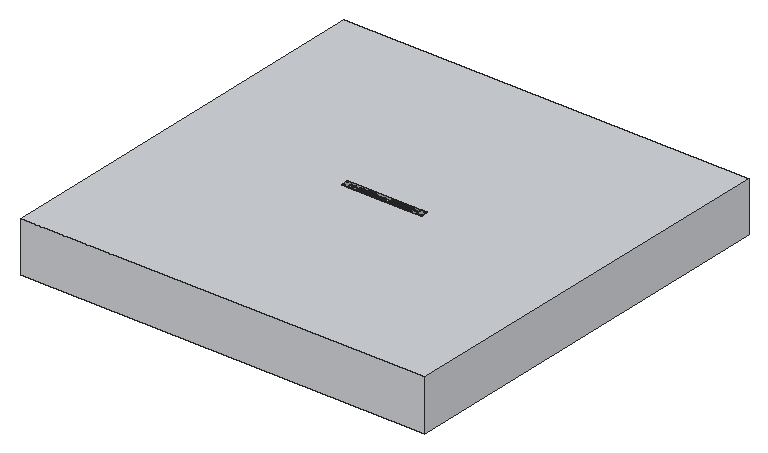
Revit family "Контроллер AGRG R4 RACK_на грани", category Электрооборудование, Revit 2019
Family settings
  Основа = Грань
  Размер круглого соединителя = Использовать диаметр
  Тип детали = Другая панель
  При загрузке вырезать с полостями = Нет
  Общий = Нет
  Точка расчета площади = Нет
Parameters (values of type "Контроллер AGRG R4 RACK")
  built-in parameter 1140085 [instance] = Panel Name  # (empty or 0)
  Default Elevation = 1219.2 mm
  Описание = "ITV"  # constant formula
  Panel Name [instance] = (empty or 0)
  Type Image = ARD.png
  Группа модели = "Оборудование"  # constant formula
  URL = "https://skud.agrg.ru/controllers/agrg-r2-rack"
  ITV_SUB_УГО на структурной схеме = "УГО_Контроллер"
  ITV_LCS_Номер юнита [instance] = 0
  ITV_LCS_Номер шкафа [instance] = ""
  ITV_LCS_Высота U = 1
  ADSK_Принадлежность к разделу [instance] = ""
  ADSK_Примечание [instance] = ""
  ADSK_Полная мощность [instance] = ADSK_Номинальная мощность / ADSK_Коэффициент мощности  # 30 VA
  ADSK_Позиция [instance] = ""
  ADSK_Обозначение = "ARD"
  ADSK_Номинальная мощность [instance] = 30 VA
  ADSK_Напряжение [instance] = 220 V
  ADSK_Наименование краткое = "Контроллер"
  ADSK_Наименование = "Специализированный контроллер AGRG R4Rack для IT-инфраструктуры (защита телеком. шкафов). Габариты: 410 мм * 250 мм * 43 мм (без кронштейнов), исполнение 1U. Подключение до 4-х специализированных ручек со встроенными считывателями. Оснащен АКБ (до 3-х часов автономн. работы). Работает под управлением ПО SIGUR."
  ADSK_Масса = 4.5
  ADSK_Марка = "AGRG ЦОД"
  ADSK_Коэффициент мощности = 1
  ADSK_Количество фаз [instance] = 1
  ADSK_Количество = 1
  ADSK_Код изделия = "CCTLR4R"
  ADSK_Классификация нагрузок [instance] = Прочее
  ADSK_Имя источника питания [instance] = ""
  ADSK_Завод-изготовитель = "ООО «Агрегатор»"  # constant formula
  ADSK_Единица измерения = "шт."
  ADSK_Группирование [instance] = "1. Оборудование"
Reference planes
  plane 1 "По центру (Вперед/Назад)": y = 0
  plane 2: z = 0
  plane 3 "По центру (Влево/Вправо)": x = 0
Forms (mm)
  Extrusion 1, solid
    sketch origin (0, 0, 0) x (1, 0, 0) y (0, 1, 0)
      loop
        line (-1219.2, 1219.2) -> (-1219.2, -1219.2) -> (1219.2, -1219.2) -> (1219.2, 1219.2) -> (-1219.2, 1219.2)
    from 0 to -304.8
Dimensions and locks
  aligned and locked: plane 2 to Extrusion 1
  aligned and locked: level to Extrusion 1
Nested families
  nested 1: "AGRG R4 RACK_на грани" at (0, 0, 0), type "AGRG R4 RACK_на грани", detail levels fine
Connectors
  electrical at (0, 0, 0), driven by "ADSK_Количество фаз", driven by "ADSK_Классификация нагрузок", driven by "ADSK_Напряжение", driven by "ADSK_Полная мощность", driven by "ADSK_Коэффициент мощности"
    settings: index 1, voltage 220 V, apparent load 30 VA, apparent load phase1 0 VA, apparent load phase2 0 VA, apparent load phase3 0 VA, power factor 1, load classification "Прочее", number of poles 1, system type 30, power factor state 1, is connector primary yes, connector utility no, sub classification motor no, connector description ""
  electrical at (0, 0, 0)
    settings: index 2, voltage 0 V, apparent load 0 VA, apparent load phase1 0 VA, apparent load phase2 0 VA, apparent load phase3 0 VA, power factor 1, load classification "Прочее", number of poles 1, system type 5, power factor state 1, is connector primary no, connector utility no, sub classification motor no, connector description ""
Definition of nested family "AGRG R4 RACK_на грани"
  Parameters (values of type "AGRG R4 RACK_на грани")
    Default Elevation = 1219.2 mm
    Материал [instance] = none
  Reference planes
    plane 1 "По центру (Вперед/Назад)": y = 0
    plane 2: z = 0
    plane 3 "По центру (Влево/Вправо)": x = 0
    plane 4: x = -205
    plane 5: y = 21.8
    plane 6: x = 205
    plane 7: y = -21.8
    plane 8: x = 241.3
    plane 9: x = 230.913
    plane 10: x = -241.3
    plane 11: x = -230.913
  Forms (mm)
    Extrusion 1, solid
      sketch origin (0, 0, 0) x (1, 0, 0) y (0, 1, 0)
        loop
          line (-1219.2, 1219.2) -> (-1219.2, -1219.2) -> (1219.2, -1219.2) -> (1219.2, 1219.2) -> (-1219.2, 1219.2)
      from 0 to -304.8
    Extrusion 2, solid, material <- "Материал"
      sketch origin (2.2, 502.964, 0) x (1, 0, 0) y (0, 1, 0)
        loop
          line (202.8, -481.164) -> (202.8, -524.764) -> (237.1, -524.764)
          arc (237.1, -524.764) -> (238.514, -524.178) -> (239.1, -522.764) r 2
          line (239.1, -522.764) -> (239.1, -483.164)
          arc (239.1, -483.164) -> (238.514, -481.75) -> (237.1, -481.164) r 2
          line (237.1, -481.164) -> (202.8, -481.164)
        loop
          arc (228.713, -515.864) -> (225.713, -518.864) -> (228.713, -521.864) r 3
          line (228.713, -521.864) -> (233.007, -521.864)
          arc (233.007, -521.864) -> (236.007, -518.864) -> (233.007, -515.864) r 3
          line (233.007, -515.864) -> (228.713, -515.864)
        loop
          line (233.007, -484.131) -> (228.713, -484.131)
          arc (228.713, -484.131) -> (225.713, -487.131) -> (228.713, -490.131) r 3
          line (228.713, -490.131) -> (233.007, -490.131)
          arc (233.007, -490.131) -> (236.007, -487.131) -> (233.007, -484.131) r 3
      from 0 to 1
    Extrusion 3, solid, material <- "Материал"
      sketch origin (205, 22.2, 0) x (0, -1, 0) y (0, 0, -1)
        loop
          line (0.4, 0) -> (44, 0) -> (44, 19.02)
          arc (44, 19.02) -> (43.42, 20.42) -> (42.019, 21) r 1.981
          line (42.019, 21) -> (2.4, 21)
          arc (2.4, 21) -> (0.986, 20.415) -> (0.4, 19) r 2
          line (0.4, 19) -> (0.4, 0)
      from 0 to 1
    Extrusion 4, solid, material <- "Материал"
      sketch origin (-2.2, 502.964, 0) x (-1, 0, 0) y (0, -1, 0)
        loop
          line (202.8, 481.164) -> (237.1, 481.164)
          arc (237.1, 481.164) -> (238.514, 481.75) -> (239.1, 483.164) r 2
          line (239.1, 483.164) -> (239.1, 522.764)
          arc (239.1, 522.764) -> (238.514, 524.178) -> (237.1, 524.764) r 2
          line (237.1, 524.764) -> (202.8, 524.764) -> (202.8, 481.164)
        loop
          line (228.713, 515.864) -> (233.007, 515.864)
          arc (233.007, 515.864) -> (235.943, 518.8) -> (233.007, 521.737) r 2.937
          line (233.007, 521.737) -> (228.713, 521.737)
          arc (228.713, 521.737) -> (225.776, 518.8) -> (228.713, 515.864) r 2.937
        loop
          arc (233.007, 484.131) -> (236.007, 487.131) -> (233.007, 490.131) r 3
          line (233.007, 490.131) -> (228.713, 490.131)
          arc (228.713, 490.131) -> (225.713, 487.131) -> (228.713, 484.131) r 3
          line (228.713, 484.131) -> (233.007, 484.131)
      from 0 to 1
    Extrusion 5, solid, material <- "Материал"
      sketch origin (-205, 22.2, 0) x (0, -1, 0) y (0, 0, 1)
        loop
          line (0.4, 0) -> (0.4, -19)
          arc (0.4, -19) -> (0.986, -20.415) -> (2.4, -21) r 2
          line (2.4, -21) -> (42.019, -21)
          arc (42.019, -21) -> (43.42, -20.42) -> (44, -19.02) r 1.981
          line (44, -19.02) -> (44, 0) -> (0.4, 0)
      from 0 to 1
    Extrusion 6, solid, material <- "Материал"
      sketch origin (0, 0, 0) x (1, 0, 0) y (0, 1, 0)
        loop
          line (-205, 21.8) -> (-205, -21.8) -> (205, -21.8) -> (205, 21.8) -> (-205, 21.8)
      from -189 to 1
    Extrusion 7, void
      sketch origin (0, 0, 0) x (1, 0, 0) y (0, 1, 0)
        loop
          arc (-149.498, 11.25) -> (-151.624, 10.369) -> (-152.504, 8.244) r 3.006
          line (-152.504, 8.244) -> (-152.504, -8.25)
          arc (-152.504, -8.25) -> (-151.626, -10.371) -> (-149.504, -11.25) r 3
          line (-149.504, -11.25) -> (-125.004, -11.25)
          arc (-125.004, -11.25) -> (-122.883, -10.371) -> (-122.004, -8.25) r 3
          line (-122.004, -8.25) -> (-122.004, 8.228)
          arc (-122.004, 8.228) -> (-122.889, 10.365) -> (-125.026, 11.25) r 3.022
          line (-125.026, 11.25) -> (-149.498, 11.25)
      from -18.8 to 1
    Extrusion 8, solid
      sketch origin (0, 0, 0) x (1, 0, 0) y (0, 1, 0)
        loop
          arc (-149.498, 11.25) -> (-151.624, 10.369) -> (-152.504, 8.244) r 3.006
          line (-152.504, 8.244) -> (-152.504, -8.25)
          arc (-152.504, -8.25) -> (-151.626, -10.371) -> (-149.504, -11.25) r 3
          line (-149.504, -11.25) -> (-125.004, -11.25)
          arc (-125.004, -11.25) -> (-122.883, -10.371) -> (-122.004, -8.25) r 3
          line (-122.004, -8.25) -> (-122.004, 8.228)
          arc (-122.004, 8.228) -> (-122.889, 10.365) -> (-125.026, 11.25) r 3.022
          line (-125.026, 11.25) -> (-149.498, 11.25)
        loop
          line (-149.504, 2.545) -> (-149.504, -6.201)
          arc (-149.504, -6.201) -> (-148.904, -7.65) -> (-147.455, -8.25) r 2.049
          line (-147.455, -8.25) -> (-127.004, -8.25)
          arc (-127.004, -8.25) -> (-125.59, -7.664) -> (-125.004, -6.25) r 2
          line (-125.004, -6.25) -> (-125.004, 2.545) -> (-130.709, 8.25) -> (-143.799, 8.25) -> (-149.504, 2.545)
      from -18.8 to 1
    Extrusion 9, solid
      sketch origin (0, 0, 0) x (1, 0, 0) y (0, 1, 0)
        loop
          line (-149.504, 2.545) -> (-149.504, -6.201)
          arc (-149.504, -6.201) -> (-148.904, -7.65) -> (-147.455, -8.25) r 2.049
          line (-147.455, -8.25) -> (-127.004, -8.25)
          arc (-127.004, -8.25) -> (-125.59, -7.664) -> (-125.004, -6.25) r 2
          line (-125.004, -6.25) -> (-125.004, 2.545) -> (-130.709, 8.25) -> (-143.799, 8.25) -> (-149.504, 2.545)
      from -18.8 to -17.8
    Extrusion 10, void
      sketch origin (0, 0, 0) x (1, 0, 0) y (0, 1, 0)
        loop
          line (-104.639, 8.57) -> (-97.65, 8.57) -> (-97.65, 3.178) -> (-96.45, 3.178) -> (-96.45, 11.672) -> (-101.144, 15.209) -> (-105.839, 11.672) -> (-105.839, 3.178) -> (-104.639, 3.178) -> (-104.639, 8.57)
        loop
          line (-104.639, 9.77) -> (-97.65, 9.77) -> (-97.65, 11.073) -> (-101.144, 13.707) -> (-104.639, 11.073) -> (-104.639, 9.77)
        loop
          line (-94.649, 3.178) -> (-85.321, 3.178) -> (-85.321, 9.534) -> (-92.022, 9.534) -> (-92.022, 8.334) -> (-86.521, 8.334) -> (-86.521, 4.378) -> (-93.449, 4.378) -> (-93.449, 14.082) -> (-86.521, 14.082) -> (-86.521, 12.281) -> (-85.321, 12.281) -> (-85.321, 15.282) -> (-94.649, 15.282) -> (-94.649, 3.178)
        loop
          line (-73.982, 3.095) -> (-74.264, 4.016) -> (-80.913, 8.334) -> (-73.982, 8.334) -> (-73.982, 15.282) -> (-83.538, 15.282) -> (-83.538, 3.178) -> (-82.338, 3.178) -> (-82.338, 7.829) -> (-75.049, 3.095) -> (-73.982, 3.095)
        loop
          line (-82.338, 9.534) -> (-75.182, 9.534) -> (-75.182, 14.082) -> (-82.338, 14.082) -> (-82.338, 9.534)
        loop
          line (-72.186, 3.178) -> (-62.937, 3.178) -> (-62.937, 9.534) -> (-69.582, 9.534) -> (-69.582, 8.334) -> (-64.137, 8.334) -> (-64.137, 4.378) -> (-70.986, 4.378) -> (-70.986, 14.082) -> (-64.137, 14.082) -> (-64.137, 12.281) -> (-62.937, 12.281) -> (-62.937, 15.282) -> (-72.186, 15.282) -> (-72.186, 3.178)
        loop
          line (-104.639, -8.57) -> (-104.639, -3.178) -> (-105.839, -3.178) -> (-105.839, -11.672) -> (-101.144, -15.209) -> (-96.45, -11.672) -> (-96.45, -3.178) -> (-97.65, -3.178) -> (-97.65, -8.57) -> (-104.639, -8.57)
        loop
          line (-104.639, -9.77) -> (-104.639, -11.073) -> (-101.144, -13.707) -> (-97.65, -11.073) -> (-97.65, -9.77) -> (-104.639, -9.77)
        loop
          line (-94.649, -3.178) -> (-94.649, -15.282) -> (-85.321, -15.282) -> (-85.321, -12.281) -> (-86.521, -12.281) -> (-86.521, -14.082) -> (-93.449, -14.082) -> (-93.449, -4.378) -> (-86.521, -4.378) -> (-86.521, -8.334) -> (-92.022, -8.334) -> (-92.022, -9.534) -> (-85.321, -9.534) -> (-85.321, -3.178) -> (-94.649, -3.178)
        loop
          line (-73.982, -3.095) -> (-75.049, -3.095) -> (-82.338, -7.829) -> (-82.338, -3.178) -> (-83.538, -3.178) -> (-83.538, -15.282) -> (-73.982, -15.282) -> (-73.982, -8.334) -> (-80.913, -8.334) -> (-74.264, -4.016) -> (-73.982, -3.095)
        loop
          line (-82.338, -9.534) -> (-82.338, -14.082) -> (-75.182, -14.082) -> (-75.182, -9.534) -> (-82.338, -9.534)
        loop
          line (-72.186, -3.178) -> (-72.186, -15.282) -> (-62.937, -15.282) -> (-62.937, -12.281) -> (-64.137, -12.281) -> (-64.137, -14.082) -> (-70.986, -14.082) -> (-70.986, -4.378) -> (-64.137, -4.378) -> (-64.137, -8.334) -> (-69.582, -8.334) -> (-69.582, -9.534) -> (-62.937, -9.534) -> (-62.937, -3.178) -> (-72.186, -3.178)
      from 0 to 1
    Extrusion 11, solid
      sketch origin (-35.538, 0, 0) x (1, 0, 0) y (0, 1, 0)
        loop
          line (-69.101, 8.57) -> (-62.112, 8.57) -> (-62.112, 3.178) -> (-60.912, 3.178) -> (-60.912, 11.672) -> (-65.606, 15.209) -> (-70.301, 11.672) -> (-70.301, 3.178) -> (-69.101, 3.178) -> (-69.101, 8.57)
        loop
          line (-69.101, 9.77) -> (-62.112, 9.77) -> (-62.112, 11.073) -> (-65.606, 13.707) -> (-69.101, 11.073) -> (-69.101, 9.77)
        loop
          line (-59.111, 3.178) -> (-49.783, 3.178) -> (-49.783, 9.534) -> (-56.484, 9.534) -> (-56.484, 8.334) -> (-50.983, 8.334) -> (-50.983, 4.378) -> (-57.911, 4.378) -> (-57.911, 14.082) -> (-50.983, 14.082) -> (-50.983, 12.281) -> (-49.783, 12.281) -> (-49.783, 15.282) -> (-59.111, 15.282) -> (-59.111, 3.178)
        loop
          line (-38.444, 3.095) -> (-38.726, 4.016) -> (-45.375, 8.334) -> (-38.444, 8.334) -> (-38.444, 15.282) -> (-48, 15.282) -> (-48, 3.178) -> (-46.8, 3.178) -> (-46.8, 7.829) -> (-39.511, 3.095) -> (-38.444, 3.095)
        loop
          line (-46.8, 9.534) -> (-39.644, 9.534) -> (-39.644, 14.082) -> (-46.8, 14.082) -> (-46.8, 9.534)
        loop
          line (-36.648, 3.178) -> (-27.399, 3.178) -> (-27.399, 9.534) -> (-34.044, 9.534) -> (-34.044, 8.334) -> (-28.599, 8.334) -> (-28.599, 4.378) -> (-35.448, 4.378) -> (-35.448, 14.082) -> (-28.599, 14.082) -> (-28.599, 12.281) -> (-27.399, 12.281) -> (-27.399, 15.282) -> (-36.648, 15.282) -> (-36.648, 3.178)
        loop
          line (-69.101, -8.57) -> (-69.101, -3.178) -> (-70.301, -3.178) -> (-70.301, -11.672) -> (-65.606, -15.209) -> (-60.912, -11.672) -> (-60.912, -3.178) -> (-62.112, -3.178) -> (-62.112, -8.57) -> (-69.101, -8.57)
        loop
          line (-69.101, -9.77) -> (-69.101, -11.073) -> (-65.606, -13.707) -> (-62.112, -11.073) -> (-62.112, -9.77) -> (-69.101, -9.77)
        loop
          line (-59.111, -3.178) -> (-59.111, -15.282) -> (-49.783, -15.282) -> (-49.783, -12.281) -> (-50.983, -12.281) -> (-50.983, -14.082) -> (-57.911, -14.082) -> (-57.911, -4.378) -> (-50.983, -4.378) -> (-50.983, -8.334) -> (-56.484, -8.334) -> (-56.484, -9.534) -> (-49.783, -9.534) -> (-49.783, -3.178) -> (-59.111, -3.178)
        loop
          line (-38.444, -3.095) -> (-39.511, -3.095) -> (-46.8, -7.829) -> (-46.8, -3.178) -> (-48, -3.178) -> (-48, -15.282) -> (-38.444, -15.282) -> (-38.444, -8.334) -> (-45.375, -8.334) -> (-38.726, -4.016) -> (-38.444, -3.095)
        loop
          line (-46.8, -9.534) -> (-46.8, -14.082) -> (-39.644, -14.082) -> (-39.644, -9.534) -> (-46.8, -9.534)
        loop
          line (-36.648, -3.178) -> (-36.648, -15.282) -> (-27.399, -15.282) -> (-27.399, -12.281) -> (-28.599, -12.281) -> (-28.599, -14.082) -> (-35.448, -14.082) -> (-35.448, -4.378) -> (-28.599, -4.378) -> (-28.599, -8.334) -> (-34.044, -8.334) -> (-34.044, -9.534) -> (-27.399, -9.534) -> (-27.399, -3.178) -> (-36.648, -3.178)
      from 0 to 1
    Extrusion 12, solid
      sketch origin (0, 0, 0) x (1, 0, 0) y (0, 1, 0)
        loop
          line (-144.031, -0.942) -> (-144.031, -4.514) -> (-142.308, -4.514) -> (-142.308, -0.942) -> (-144.031, -0.942)
        loop
          line (-130.477, -0.942) -> (-132.2, -0.942) -> (-132.2, -4.514) -> (-130.477, -4.514) -> (-130.477, -0.942)
        loop
          line (-138.116, 3.572) -> (-138.116, 0) -> (-136.393, 0) -> (-136.393, 3.572) -> (-138.116, 3.572)
      from -17.8 to 0
    Extrusion 13, void
      sketch origin (0, 0, 0) x (1, 0, 0) y (0, 1, 0)
        loop
          line (-186.678, 7.281) -> (-186.678, -7.281) -> (-179.175, -7.281) -> (-179.175, 7.281) -> (-186.678, 7.281)
      from -2 to 1
    Extrusion 14, solid
      sketch origin (0, 0, 0) x (0, 1, 0) y (0, 0, 1)
        loop
          line (6.702, -2) -> (6.702, -0.591) -> (4.812, -0.591) -> (4.812, 1.452) -> (1.686, 1.452) -> (1.686, -0.591) -> (-6.681, -0.591) -> (-6.681, -2) -> (6.702, -2)
      from -185.955 to -180
    Extrusion 15, void
      sketch origin (0, 0, 0) x (1, 0, 0) y (0, 1, 0)
        loop
          line (205, -1.5) -> (205, 1.5) -> (168.39, 1.5) -> (168.39, -1.5) -> (205, -1.5)
        loop
          line (-205, 1.5) -> (-205, -1.5) -> (-186.678, -1.5) -> (-186.678, 1.5) -> (-205, 1.5)
        loop
          line (-179.175, 1.5) -> (-179.175, -1.5) -> (-152.504, -1.5) -> (-152.504, 1.5) -> (-179.175, 1.5)
        loop
          line (-122.004, 1.5) -> (-122.004, -1.5) -> (-110.266, -1.5) -> (-110.266, 1.5) -> (-122.004, 1.5)
        loop
          line (-58.454, -1.5) -> (-23.96, -1.5) -> (-23.96, 1.5) -> (-58.454, 1.5) -> (-58.454, -1.5)
        loop
          line (-7.46, -1.5) -> (36.39, -1.5) -> (36.39, 1.5) -> (-7.46, 1.5) -> (-7.46, -1.5)
      from 0 to 1
    Extrusion 16, solid
      sketch origin (0, 0, 0) x (1, 0, 0) y (0, 1, 0)
        loop
          line (205, -1.5) -> (205, 1.5) -> (168.39, 1.5) -> (168.39, -1.5) -> (205, -1.5)
        loop
          line (-205, 1.5) -> (-205, -1.5) -> (-186.678, -1.5) -> (-186.678, 1.5) -> (-205, 1.5)
        loop
          line (-179.175, 1.5) -> (-179.175, -1.5) -> (-152.504, -1.5) -> (-152.504, 1.5) -> (-179.175, 1.5)
        loop
          line (-122.004, 1.5) -> (-122.004, -1.5) -> (-110.266, -1.5) -> (-110.266, 1.5) -> (-122.004, 1.5)
        loop
          line (-58.454, -1.5) -> (-23.96, -1.5) -> (-23.96, 1.5) -> (-58.454, 1.5) -> (-58.454, -1.5)
        loop
          line (-7.46, -1.5) -> (36.39, -1.5) -> (36.39, 1.5) -> (-7.46, 1.5) -> (-7.46, -1.5)
      from 0 to 1
    Extrusion 17, void
      sketch origin (-35.312, 0, 0) x (1, 0, 0) y (0, 1, 0)
        loop
          line (-72.258, 1.5) -> (-72.258, -1.5) -> (-64.055, -1.5) -> (-64.055, 1.5) -> (-72.258, 1.5)
        loop
          line (-62.258, 1.5) -> (-62.258, -1.5) -> (-40.229, -1.5) -> (-40.229, 1.5) -> (-62.258, 1.5)
        loop
          line (-38.764, 1.5) -> (-38.764, -1.5) -> (-25.335, -1.5) -> (-25.335, 1.5) -> (-38.764, 1.5)
      from 0 to 1
    Extrusion 18, solid
      sketch origin (-35.312, 0, 0) x (1, 0, 0) y (0, 1, 0)
        loop
          line (-72.258, 1.5) -> (-72.258, -1.5) -> (-64.055, -1.5) -> (-64.055, 1.5) -> (-72.258, 1.5)
        loop
          line (-62.258, 1.5) -> (-62.258, -1.5) -> (-40.229, -1.5) -> (-40.229, 1.5) -> (-62.258, 1.5)
        loop
          line (-38.764, 1.5) -> (-38.764, -1.5) -> (-25.335, -1.5) -> (-25.335, 1.5) -> (-38.764, 1.5)
      from 0 to 1
    Extrusion 19, solid
      sketch origin (-69.984, 0, 0) x (1, 0, 0) y (0, 1, 0)
        loop
          line (46.023, 1.964) -> (46.023, -11.536) -> (62.523, -11.536) -> (62.523, 1.964) -> (46.023, 1.964)
        loop
          line (48.323, -0.437) -> (48.323, -7.431) -> (50.075, -7.431) -> (50.075, -9.369) -> (52.299, -9.369) -> (52.299, -10.672) -> (54.273, -10.672) -> (56.248, -10.672) -> (56.248, -9.369) -> (58.472, -9.369) -> (58.472, -7.431) -> (60.223, -7.431) -> (60.223, -0.437) -> (54.273, -0.437) -> (48.323, -0.437)
      from -14 to 1
    Extrusion 20, void
      sketch origin (0, 0, 0) x (1, 0, 0) y (0, 1, 0)
        loop
          line (-23.96, 1.964) -> (-23.96, -11.536) -> (-7.46, -11.536) -> (-7.46, 1.964) -> (-23.96, 1.964)
        loop
          line (36.39, 1.964) -> (36.39, -11.536) -> (168.39, -11.536) -> (168.39, 1.964) -> (36.39, 1.964)
      from -14 to 1
    Extrusion 21, solid
      sketch origin (56.367, 0, 0) x (1, 0, 0) y (0, 1, 0)
        loop
          line (46.023, 1.964) -> (46.023, -11.536) -> (62.523, -11.536) -> (62.523, 1.964) -> (46.023, 1.964)
        loop
          line (48.323, -0.437) -> (48.323, -7.431) -> (50.075, -7.431) -> (50.075, -9.369) -> (52.299, -9.369) -> (52.299, -10.672) -> (54.273, -10.672) -> (56.248, -10.672) -> (56.248, -9.369) -> (58.472, -9.369) -> (58.472, -7.431) -> (60.223, -7.431) -> (60.223, -0.437) -> (54.273, -0.437) -> (48.323, -0.437)
      from -14 to 1
    Extrusion 22, solid
      sketch origin (72.867, 0, 0) x (1, 0, 0) y (0, 1, 0)
        loop
          line (46.023, 1.964) -> (46.023, -11.536) -> (62.523, -11.536) -> (62.523, 1.964) -> (46.023, 1.964)
        loop
          line (48.323, -0.437) -> (48.323, -7.431) -> (50.075, -7.431) -> (50.075, -9.369) -> (52.299, -9.369) -> (52.299, -10.672) -> (54.273, -10.672) -> (56.248, -10.672) -> (56.248, -9.369) -> (58.472, -9.369) -> (58.472, -7.431) -> (60.223, -7.431) -> (60.223, -0.437) -> (54.273, -0.437) -> (48.323, -0.437)
      from -14 to 1
    Extrusion 23, solid
      sketch origin (89.367, 0, 0) x (1, 0, 0) y (0, 1, 0)
        loop
          line (46.023, 1.964) -> (46.023, -11.536) -> (62.523, -11.536) -> (62.523, 1.964) -> (46.023, 1.964)
        loop
          line (48.323, -0.437) -> (48.323, -7.431) -> (50.075, -7.431) -> (50.075, -9.369) -> (52.299, -9.369) -> (52.299, -10.672) -> (54.273, -10.672) -> (56.248, -10.672) -> (56.248, -9.369) -> (58.472, -9.369) -> (58.472, -7.431) -> (60.223, -7.431) -> (60.223, -0.437) -> (54.273, -0.437) -> (48.323, -0.437)
      from -14 to 1
    Extrusion 24, solid
      sketch origin (105.867, 0, 0) x (1, 0, 0) y (0, 1, 0)
        loop
          line (46.023, 1.964) -> (46.023, -11.536) -> (62.523, -11.536) -> (62.523, 1.964) -> (46.023, 1.964)
        loop
          line (48.323, -0.437) -> (48.323, -7.431) -> (50.075, -7.431) -> (50.075, -9.369) -> (52.299, -9.369) -> (52.299, -10.672) -> (54.273, -10.672) -> (56.248, -10.672) -> (56.248, -9.369) -> (58.472, -9.369) -> (58.472, -7.431) -> (60.223, -7.431) -> (60.223, -0.437) -> (54.273, -0.437) -> (48.323, -0.437)
      from -14 to 1
    Extrusion 25, solid
      sketch origin (-69.984, 0, 0) x (1, 0, 0) y (0, 1, 0)
        loop
          line (50.075, -7.431) -> (50.075, -9.369) -> (52.299, -9.369) -> (52.299, -10.672) -> (54.273, -10.672) -> (56.248, -10.672) -> (56.248, -9.369) -> (58.472, -9.369) -> (58.472, -7.431) -> (60.223, -7.431) -> (60.223, -0.437) -> (54.273, -0.437) -> (48.323, -0.437) -> (48.323, -7.431) -> (50.075, -7.431)
      from -14 to -13
    Extrusion 26, solid
      sketch origin (56.367, 0, 0) x (1, 0, 0) y (0, 1, 0)
        loop
          line (50.075, -7.431) -> (50.075, -9.369) -> (52.299, -9.369) -> (52.299, -10.672) -> (54.273, -10.672) -> (56.248, -10.672) -> (56.248, -9.369) -> (58.472, -9.369) -> (58.472, -7.431) -> (60.223, -7.431) -> (60.223, -0.437) -> (54.273, -0.437) -> (48.323, -0.437) -> (48.323, -7.431) -> (50.075, -7.431)
      from -14 to -13
    Extrusion 27, solid
      sketch origin (72.867, 0, 0) x (1, 0, 0) y (0, 1, 0)
        loop
          line (50.075, -7.431) -> (50.075, -9.369) -> (52.299, -9.369) -> (52.299, -10.672) -> (54.273, -10.672) -> (56.248, -10.672) -> (56.248, -9.369) -> (58.472, -9.369) -> (58.472, -7.431) -> (60.223, -7.431) -> (60.223, -0.437) -> (54.273, -0.437) -> (48.323, -0.437) -> (48.323, -7.431) -> (50.075, -7.431)
      from -14 to -13
    Extrusion 28, solid
      sketch origin (89.367, 0, 0) x (1, 0, 0) y (0, 1, 0)
        loop
          line (50.075, -7.431) -> (50.075, -9.369) -> (52.299, -9.369) -> (52.299, -10.672) -> (54.273, -10.672) -> (56.248, -10.672) -> (56.248, -9.369) -> (58.472, -9.369) -> (58.472, -7.431) -> (60.223, -7.431) -> (60.223, -0.437) -> (54.273, -0.437) -> (48.323, -0.437) -> (48.323, -7.431) -> (50.075, -7.431)
      from -14 to -13
    Extrusion 29, solid
      sketch origin (105.867, 0, 0) x (1, 0, 0) y (0, 1, 0)
        loop
          line (50.075, -7.431) -> (50.075, -9.369) -> (52.299, -9.369) -> (52.299, -10.672) -> (54.273, -10.672) -> (56.248, -10.672) -> (56.248, -9.369) -> (58.472, -9.369) -> (58.472, -7.431) -> (60.223, -7.431) -> (60.223, -0.437) -> (54.273, -0.437) -> (48.323, -0.437) -> (48.323, -7.431) -> (50.075, -7.431)
      from -14 to -13
    Extrusion 30, solid
      sketch origin (0, 0, 0) x (1, 0, 0) y (0, 1, 0)
        loop
          circle (174.284, -7.017) r 2.045
      from 1 to 1.992
    Revolve 31, solid
      sketch origin (4.064, 0, 0) x (0, 1, 0) y (0, 0, 1)
        loop
          line (-7.017, 1.992) -> (-7.017, 1) -> (-4.972, 1)
          spline (-4.972, 1) -> (-4.99, 1.13) -> (-5.042, 1.257) -> (-5.128, 1.38) -> (-5.246, 1.496) -> (-5.395, 1.604) -> (-5.571, 1.702) -> (-5.772, 1.787) -> (-5.995, 1.86) -> (-6.235, 1.917) -> (-6.488, 1.959) -> (-6.75, 1.984) -> (-7.017, 1.992)
        axis (-7.017, 1) -> (-7.017, 2)
      angle from 0 to 360
    Revolve 32, solid
      sketch origin (14.064, 0, 0) x (0, 1, 0) y (0, 0, 1)
        loop
          line (-7.017, 1.992) -> (-7.017, 1) -> (-4.972, 1)
          spline (-4.972, 1) -> (-4.99, 1.13) -> (-5.042, 1.257) -> (-5.128, 1.38) -> (-5.246, 1.496) -> (-5.395, 1.604) -> (-5.571, 1.702) -> (-5.772, 1.787) -> (-5.995, 1.86) -> (-6.235, 1.917) -> (-6.488, 1.959) -> (-6.75, 1.984) -> (-7.017, 1.992)
        axis (-7.017, 1) -> (-7.017, 2)
      angle from 0 to 360
    Revolve 33, solid
      sketch origin (23.584, 0, 0) x (0, 1, 0) y (0, 0, 1)
        loop
          line (-7.017, 1.992) -> (-7.017, 1) -> (-4.972, 1)
          spline (-4.972, 1) -> (-4.99, 1.13) -> (-5.042, 1.257) -> (-5.128, 1.38) -> (-5.246, 1.496) -> (-5.395, 1.604) -> (-5.571, 1.702) -> (-5.772, 1.787) -> (-5.995, 1.86) -> (-6.235, 1.917) -> (-6.488, 1.959) -> (-6.75, 1.984) -> (-7.017, 1.992)
        axis (-7.017, 1) -> (-7.017, 2)
      angle from 0 to 360
    Extrusion 34, void
      sketch origin (0, 0, 0) x (1, 0, 0) y (0, 1, 0)
        loop
          line (103.029, 17.297) -> (103.029, 7.924) -> (118.412, 7.924) -> (118.412, 17.297) -> (103.029, 17.297)
        loop
          line (119.688, 17.297) -> (119.688, 7.924) -> (135.071, 7.924) -> (135.071, 17.297) -> (119.688, 17.297)
        loop
          line (136.348, 17.297) -> (136.348, 7.924) -> (151.731, 7.924) -> (151.731, 17.297) -> (136.348, 17.297)
        loop
          line (153.008, 17.297) -> (153.008, 7.924) -> (168.39, 7.924) -> (168.39, 17.297) -> (153.008, 17.297)
        loop
          line (86.369, 17.297) -> (86.369, 7.924) -> (101.752, 7.924) -> (101.752, 17.297) -> (86.369, 17.297)
        loop
          line (69.71, 17.297) -> (69.71, 7.924) -> (85.093, 7.924) -> (85.093, 17.297) -> (69.71, 17.297)
        loop
          line (53.05, 17.297) -> (53.05, 7.924) -> (68.433, 7.924) -> (68.433, 17.297) -> (53.05, 17.297)
        loop
          line (36.39, 17.297) -> (36.39, 7.924) -> (51.773, 7.924) -> (51.773, 17.297) -> (36.39, 17.297)
      from 0 to 1
    Extrusion 35, solid
      sketch origin (0, 0, 0) x (1, 0, 0) y (0, 1, 0)
        loop
          line (103.029, 17.297) -> (103.029, 7.924) -> (118.412, 7.924) -> (118.412, 17.297) -> (103.029, 17.297)
        loop
          line (119.688, 17.297) -> (119.688, 7.924) -> (135.071, 7.924) -> (135.071, 17.297) -> (119.688, 17.297)
        loop
          line (136.348, 17.297) -> (136.348, 7.924) -> (151.731, 7.924) -> (151.731, 17.297) -> (136.348, 17.297)
        loop
          line (153.008, 17.297) -> (153.008, 7.924) -> (168.39, 7.924) -> (168.39, 17.297) -> (153.008, 17.297)
        loop
          line (86.369, 17.297) -> (86.369, 7.924) -> (101.752, 7.924) -> (101.752, 17.297) -> (86.369, 17.297)
        loop
          line (69.71, 17.297) -> (69.71, 7.924) -> (85.093, 7.924) -> (85.093, 17.297) -> (69.71, 17.297)
        loop
          line (53.05, 17.297) -> (53.05, 7.924) -> (68.433, 7.924) -> (68.433, 17.297) -> (53.05, 17.297)
        loop
          line (36.39, 17.297) -> (36.39, 7.924) -> (51.773, 7.924) -> (51.773, 17.297) -> (36.39, 17.297)
      from 0 to 1
    Extrusion 36, void
      sketch origin (-70.937, 0.93, 0) x (1, 0, 0) y (0, 1, 0)
        loop
          line (16.539, -2.43) -> (16.539, -11.566) -> (41.539, -11.566) -> (41.539, -2.43) -> (16.539, -2.43)
      from -2 to 1
    Extrusion 37, solid
      sketch origin (-70.937, 0.93, 0) x (1, 0, 0) y (0, 1, 0)
        loop
          line (16.539, -2.43) -> (16.539, -11.566) -> (41.539, -11.566) -> (41.539, -2.43) -> (16.539, -2.43)
        loop
          line (38.734, -4.109) -> (37.552, -4.109) -> (37.552, -5.085) -> (38.338, -5.085) -> (38.338, -5.866) -> (37.552, -5.866) -> (37.552, -10.278) -> (38.734, -10.278) -> (39.915, -10.278) -> (39.915, -5.866) -> (39.13, -5.866) -> (39.13, -5.085) -> (39.915, -5.085) -> (39.915, -4.109) -> (38.734, -4.109)
        loop
          line (34.857, -4.109) -> (33.676, -4.109) -> (33.676, -5.085) -> (34.461, -5.085) -> (34.461, -5.866) -> (33.676, -5.866) -> (33.676, -10.278) -> (34.857, -10.278) -> (36.039, -10.278) -> (36.039, -5.866) -> (35.253, -5.866) -> (35.253, -5.085) -> (36.039, -5.085) -> (36.039, -4.109) -> (34.857, -4.109)
        loop
          line (30.98, -4.109) -> (29.799, -4.109) -> (29.799, -5.085) -> (30.584, -5.085) -> (30.584, -5.866) -> (29.799, -5.866) -> (29.799, -10.278) -> (30.98, -10.278) -> (32.162, -10.278) -> (32.162, -5.866) -> (31.376, -5.866) -> (31.376, -5.085) -> (32.162, -5.085) -> (32.162, -4.109) -> (30.98, -4.109)
        loop
          line (27.104, -4.109) -> (25.922, -4.109) -> (25.922, -5.085) -> (26.708, -5.085) -> (26.708, -5.866) -> (25.922, -5.866) -> (25.922, -10.278) -> (27.104, -10.278) -> (28.285, -10.278) -> (28.285, -5.866) -> (27.5, -5.866) -> (27.5, -5.085) -> (28.285, -5.085) -> (28.285, -4.109) -> (27.104, -4.109)
        loop
          line (23.227, -4.109) -> (22.045, -4.109) -> (22.045, -5.085) -> (22.831, -5.085) -> (22.831, -5.866) -> (22.045, -5.866) -> (22.045, -10.278) -> (23.227, -10.278) -> (24.408, -10.278) -> (24.408, -5.866) -> (23.623, -5.866) -> (23.623, -5.085) -> (24.408, -5.085) -> (24.408, -4.109) -> (23.227, -4.109)
        loop
          line (19.35, -4.109) -> (18.169, -4.109) -> (18.169, -5.085) -> (18.954, -5.085) -> (18.954, -5.866) -> (18.169, -5.866) -> (18.169, -10.278) -> (19.35, -10.278) -> (20.532, -10.278) -> (20.532, -5.866) -> (19.746, -5.866) -> (19.746, -5.085) -> (20.532, -5.085) -> (20.532, -4.109) -> (19.35, -4.109)
      from -2 to 1
    Extrusion 38, solid
      sketch origin (-70.937, 0.93, 0) x (1, 0, 0) y (0, 1, 0)
        loop
          line (38.734, -4.109) -> (37.552, -4.109) -> (37.552, -5.085) -> (38.338, -5.085) -> (38.338, -5.866) -> (37.552, -5.866) -> (37.552, -10.278) -> (38.734, -10.278) -> (39.915, -10.278) -> (39.915, -5.866) -> (39.13, -5.866) -> (39.13, -5.085) -> (39.915, -5.085) -> (39.915, -4.109) -> (38.734, -4.109)
        loop
          line (34.857, -4.109) -> (33.676, -4.109) -> (33.676, -5.085) -> (34.461, -5.085) -> (34.461, -5.866) -> (33.676, -5.866) -> (33.676, -10.278) -> (34.857, -10.278) -> (36.039, -10.278) -> (36.039, -5.866) -> (35.253, -5.866) -> (35.253, -5.085) -> (36.039, -5.085) -> (36.039, -4.109) -> (34.857, -4.109)
        loop
          line (30.98, -4.109) -> (29.799, -4.109) -> (29.799, -5.085) -> (30.584, -5.085) -> (30.584, -5.866) -> (29.799, -5.866) -> (29.799, -10.278) -> (30.98, -10.278) -> (32.162, -10.278) -> (32.162, -5.866) -> (31.376, -5.866) -> (31.376, -5.085) -> (32.162, -5.085) -> (32.162, -4.109) -> (30.98, -4.109)
        loop
          line (27.104, -4.109) -> (25.922, -4.109) -> (25.922, -5.085) -> (26.708, -5.085) -> (26.708, -5.866) -> (25.922, -5.866) -> (25.922, -10.278) -> (27.104, -10.278) -> (28.285, -10.278) -> (28.285, -5.866) -> (27.5, -5.866) -> (27.5, -5.085) -> (28.285, -5.085) -> (28.285, -4.109) -> (27.104, -4.109)
        loop
          line (23.227, -4.109) -> (22.045, -4.109) -> (22.045, -5.085) -> (22.831, -5.085) -> (22.831, -5.866) -> (22.045, -5.866) -> (22.045, -10.278) -> (23.227, -10.278) -> (24.408, -10.278) -> (24.408, -5.866) -> (23.623, -5.866) -> (23.623, -5.085) -> (24.408, -5.085) -> (24.408, -4.109) -> (23.227, -4.109)
        loop
          line (19.35, -4.109) -> (18.169, -4.109) -> (18.169, -5.085) -> (18.954, -5.085) -> (18.954, -5.866) -> (18.169, -5.866) -> (18.169, -10.278) -> (19.35, -10.278) -> (20.532, -10.278) -> (20.532, -5.866) -> (19.746, -5.866) -> (19.746, -5.085) -> (20.532, -5.085) -> (20.532, -4.109) -> (19.35, -4.109)
      from -2 to -1.706
    Extrusion 39, solid
      sketch origin (39.867, 0, 0) x (1, 0, 0) y (0, 1, 0)
        loop
          line (46.023, 1.964) -> (46.023, -11.536) -> (62.523, -11.536) -> (62.523, 1.964) -> (46.023, 1.964)
        loop
          line (48.323, -0.437) -> (48.323, -7.431) -> (50.075, -7.431) -> (50.075, -9.369) -> (52.299, -9.369) -> (52.299, -10.672) -> (54.273, -10.672) -> (56.248, -10.672) -> (56.248, -9.369) -> (58.472, -9.369) -> (58.472, -7.431) -> (60.223, -7.431) -> (60.223, -0.437) -> (54.273, -0.437) -> (48.323, -0.437)
      from -14 to 1
    Extrusion 40, solid
      sketch origin (39.867, 0, 0) x (1, 0, 0) y (0, 1, 0)
        loop
          line (50.075, -7.431) -> (50.075, -9.369) -> (52.299, -9.369) -> (52.299, -10.672) -> (54.273, -10.672) -> (56.248, -10.672) -> (56.248, -9.369) -> (58.472, -9.369) -> (58.472, -7.431) -> (60.223, -7.431) -> (60.223, -0.437) -> (54.273, -0.437) -> (48.323, -0.437) -> (48.323, -7.431) -> (50.075, -7.431)
      from -14 to -13
    Extrusion 41, solid
      sketch origin (23.367, 0, 0) x (1, 0, 0) y (0, 1, 0)
        loop
          line (46.023, 1.964) -> (46.023, -11.536) -> (62.523, -11.536) -> (62.523, 1.964) -> (46.023, 1.964)
        loop
          line (48.323, -0.437) -> (48.323, -7.431) -> (50.075, -7.431) -> (50.075, -9.369) -> (52.299, -9.369) -> (52.299, -10.672) -> (54.273, -10.672) -> (56.248, -10.672) -> (56.248, -9.369) -> (58.472, -9.369) -> (58.472, -7.431) -> (60.223, -7.431) -> (60.223, -0.437) -> (54.273, -0.437) -> (48.323, -0.437)
      from -14 to 1
    Extrusion 42, solid
      sketch origin (23.367, 0, 0) x (1, 0, 0) y (0, 1, 0)
        loop
          line (50.075, -7.431) -> (50.075, -9.369) -> (52.299, -9.369) -> (52.299, -10.672) -> (54.273, -10.672) -> (56.248, -10.672) -> (56.248, -9.369) -> (58.472, -9.369) -> (58.472, -7.431) -> (60.223, -7.431) -> (60.223, -0.437) -> (54.273, -0.437) -> (48.323, -0.437) -> (48.323, -7.431) -> (50.075, -7.431)
      from -14 to -13
    Extrusion 43, solid
      sketch origin (6.867, 0, 0) x (1, 0, 0) y (0, 1, 0)
        loop
          line (46.023, 1.964) -> (46.023, -11.536) -> (62.523, -11.536) -> (62.523, 1.964) -> (46.023, 1.964)
        loop
          line (48.323, -0.437) -> (48.323, -7.431) -> (50.075, -7.431) -> (50.075, -9.369) -> (52.299, -9.369) -> (52.299, -10.672) -> (54.273, -10.672) -> (56.248, -10.672) -> (56.248, -9.369) -> (58.472, -9.369) -> (58.472, -7.431) -> (60.223, -7.431) -> (60.223, -0.437) -> (54.273, -0.437) -> (48.323, -0.437)
      from -14 to 1
    Extrusion 44, solid
      sketch origin (6.867, 0, 0) x (1, 0, 0) y (0, 1, 0)
        loop
          line (50.075, -7.431) -> (50.075, -9.369) -> (52.299, -9.369) -> (52.299, -10.672) -> (54.273, -10.672) -> (56.248, -10.672) -> (56.248, -9.369) -> (58.472, -9.369) -> (58.472, -7.431) -> (60.223, -7.431) -> (60.223, -0.437) -> (54.273, -0.437) -> (48.323, -0.437) -> (48.323, -7.431) -> (50.075, -7.431)
      from -14 to -13
    Extrusion 45, solid
      sketch origin (-9.633, 0, 0) x (1, 0, 0) y (0, 1, 0)
        loop
          line (46.023, 1.964) -> (46.023, -11.536) -> (62.523, -11.536) -> (62.523, 1.964) -> (46.023, 1.964)
        loop
          line (48.323, -0.437) -> (48.323, -7.431) -> (50.075, -7.431) -> (50.075, -9.369) -> (52.299, -9.369) -> (52.299, -10.672) -> (54.273, -10.672) -> (56.248, -10.672) -> (56.248, -9.369) -> (58.472, -9.369) -> (58.472, -7.431) -> (60.223, -7.431) -> (60.223, -0.437) -> (54.273, -0.437) -> (48.323, -0.437)
      from -14 to 1
    Extrusion 46, solid
      sketch origin (-9.633, 0, 0) x (1, 0, 0) y (0, 1, 0)
        loop
          line (50.075, -7.431) -> (50.075, -9.369) -> (52.299, -9.369) -> (52.299, -10.672) -> (54.273, -10.672) -> (56.248, -10.672) -> (56.248, -9.369) -> (58.472, -9.369) -> (58.472, -7.431) -> (60.223, -7.431) -> (60.223, -0.437) -> (54.273, -0.437) -> (48.323, -0.437) -> (48.323, -7.431) -> (50.075, -7.431)
      from -14 to -13
  Cuts and joins
    joined: Extrusion 4, Extrusion 5
    joined: Extrusion 2, Extrusion 3
    Extrusion 7, Extrusion 10, Extrusion 13, Extrusion 15, Extrusion 17, Extrusion 20, Extrusion 34, Extrusion 36 cuts Extrusion 6
    joined: Extrusion 8, Extrusion 9
    joined: Extrusion 19, Extrusion 25
    joined: Extrusion 21, Extrusion 26
    joined: Extrusion 22, Extrusion 27
    joined: Extrusion 23, Extrusion 28
    joined: Extrusion 24, Extrusion 29
    joined: Extrusion 37, Extrusion 38
    joined: Extrusion 45, Extrusion 46
    joined: Extrusion 43, Extrusion 44
    joined: Extrusion 41, Extrusion 42
    joined: Extrusion 39, Extrusion 40
  Dimensions and locks
    equal spacing: plane 4, plane 3 "По центру (Влево/Вправо)", plane 6
    equal spacing: plane 7, plane 1 "По центру (Вперед/Назад)", plane 5
    plane 5 to plane 7 = 43.6 mm
    plane 4 to plane 6 = 410 mm
    aligned and locked: plane 2 to Extrusion 1
    aligned and locked: level to Extrusion 1
    aligned and locked: plane 8 to Extrusion 2 sketch curve
    aligned and locked: plane 9 to Extrusion 2 sketch curve  (x4)
    aligned and locked: plane 10 to Extrusion 4 sketch curve
    aligned and locked: plane 11 to Extrusion 4 sketch curve  (x4)
  Automatic sketch dimensions
    Extrusion 1 sketch curve to Extrusion 1 sketch curve = 2438.4 mm  (x2)
    Extrusion 2 sketch curve to plane 5 = 0 mm
    Extrusion 2 sketch curve to plane 6 = 0 mm
    plane 7 to Extrusion 2 sketch curve = 0 mm
    Extrusion 2 sketch curve to plane 9 = 4.294 mm  (x2)
    Extrusion 2 sketch curve to plane 7 = 2 mm
    Extrusion 2 sketch curve to Extrusion 2 sketch curve = 0 mm  (x2)
    plane 8 to Extrusion 2 sketch curve = 2 mm
    Extrusion 2 sketch curve to plane 7 = 2.9 mm
    Extrusion 2 sketch curve to Extrusion 2 sketch curve = 3 mm  (x2)
    Extrusion 2 sketch curve to Extrusion 2 sketch curve = 6.967 mm
    Extrusion 3 sketch curve to level = 0 mm
    Extrusion 3 sketch curve to plane 5 = 0 mm
    Extrusion 3 sketch curve to plane 7 = 0 mm
    Extrusion 3 sketch curve to plane 5 = 2 mm
    Extrusion 3 sketch curve to plane 7 = 1.981 mm
    Extrusion 3 sketch curve to level = 19 mm
    Extrusion 4 sketch curve to plane 4 = 0 mm
    plane 7 to Extrusion 4 sketch curve = 0 mm
    Extrusion 4 sketch curve to plane 5 = 0 mm
    Extrusion 4 sketch curve to plane 11 = 4.294 mm  (x2)
    Extrusion 4 sketch curve to Extrusion 4 sketch curve = 2 mm
    plane 10 to Extrusion 4 sketch curve = 2 mm
    Extrusion 4 sketch curve to plane 5 = 2.967 mm
    Extrusion 4 sketch curve to Extrusion 4 sketch curve = 3 mm
    Extrusion 4 sketch curve to Extrusion 4 sketch curve = 6.9 mm
    Extrusion 4 sketch curve to Extrusion 4 sketch curve = 2.937 mm
    Extrusion 5 sketch curve to level = 0 mm
    Extrusion 5 sketch curve to plane 5 = 0 mm
    Extrusion 5 sketch curve to plane 7 = 0 mm
    Extrusion 5 sketch curve to plane 5 = 2 mm
    Extrusion 5 sketch curve to plane 7 = 1.981 mm
    Extrusion 5 sketch curve to Extrusion 5 sketch curve = 19 mm
    Extrusion 6 sketch curve to plane 4 = 0 mm
    Extrusion 6 sketch curve to plane 6 = 0 mm
    plane 7 to Extrusion 6 sketch curve = 0 mm
    Extrusion 6 sketch curve to plane 5 = 0 mm
    plane 1 "По центру (Вперед/Назад)" to Extrusion 7 sketch curve = 8.25 mm
    plane 4 to Extrusion 7 sketch curve = 52.496 mm
    Extrusion 7 sketch curve to Extrusion 7 sketch curve = 3 mm
    Extrusion 7 sketch curve to Extrusion 7 sketch curve = 3.006 mm
    Extrusion 7 sketch curve to Extrusion 7 sketch curve = 24.472 mm
    Extrusion 7 sketch curve to Extrusion 7 sketch curve = 0.022 mm
    Extrusion 7 sketch curve to Extrusion 7 sketch curve = 3.022 mm
    Extrusion 7 sketch curve to plane 1 "По центру (Вперед/Назад)" = 8.228 mm
    plane 1 "По центру (Вперед/Назад)" to Extrusion 8 sketch curve = 8.25 mm
    plane 4 to Extrusion 8 sketch curve = 52.496 mm
    Extrusion 8 sketch curve to plane 1 "По центру (Вперед/Назад)" = 2.545 mm  (x2)
    Extrusion 8 sketch curve to Extrusion 8 sketch curve = 3 mm  (x3)
    Extrusion 8 sketch curve to Extrusion 8 sketch curve = 3.006 mm
    Extrusion 8 sketch curve to Extrusion 8 sketch curve = 2.049 mm
    Extrusion 8 sketch curve to Extrusion 8 sketch curve = 5.699 mm
    Extrusion 8 sketch curve to Extrusion 8 sketch curve = 13.09 mm
    plane 1 "По центру (Вперед/Назад)" to Extrusion 8 sketch curve = 6.25 mm
    Extrusion 8 sketch curve to Extrusion 8 sketch curve = 3.705 mm
    Extrusion 8 sketch curve to Extrusion 8 sketch curve = 5.683 mm  (x2)
    Extrusion 8 sketch curve to Extrusion 8 sketch curve = 0.022 mm  (x2)
    Extrusion 8 sketch curve to Extrusion 8 sketch curve = 0 mm
    Extrusion 9 sketch curve to plane 1 "По центру (Вперед/Назад)" = 2.545 mm  (x2)
    plane 4 to Extrusion 9 sketch curve = 55.496 mm
    Extrusion 9 sketch curve to Extrusion 9 sketch curve = 2.049 mm
    Extrusion 9 sketch curve to plane 1 "По центру (Вперед/Назад)" = 8.25 mm
    Extrusion 9 sketch curve to Extrusion 9 sketch curve = 5.705 mm
    Extrusion 9 sketch curve to Extrusion 9 sketch curve = 13.09 mm
    plane 1 "По центру (Вперед/Назад)" to Extrusion 9 sketch curve = 6.25 mm
    Extrusion 9 sketch curve to Extrusion 9 sketch curve = 3.705 mm
    Extrusion 9 sketch curve to Extrusion 9 sketch curve = 2 mm
    plane 1 "По центру (Вперед/Назад)" to Extrusion 10 sketch curve = 3.178 mm  (x2)
    plane 4 to Extrusion 10 sketch curve = 99.161 mm
    Extrusion 10 sketch curve to Extrusion 10 sketch curve = 0 mm  (x16)
    Extrusion 10 sketch curve to plane 7 = 10.727 mm  (x2)
    Extrusion 10 sketch curve to Extrusion 10 sketch curve = 1.2 mm  (x38)
    Extrusion 10 sketch curve to plane 5 = 8.093 mm
    Extrusion 10 sketch curve to Extrusion 10 sketch curve = 3.494 mm  (x4)
    Extrusion 10 sketch curve to plane 7 = 6.591 mm
    Extrusion 10 sketch curve to plane 5 = 6.591 mm
    Extrusion 10 sketch curve to plane 7 = 8.093 mm
    Extrusion 10 sketch curve to Extrusion 10 sketch curve = 1.801 mm  (x5)
    Extrusion 10 sketch curve to Extrusion 10 sketch curve = 1.427 mm  (x2)
    Extrusion 10 sketch curve to Extrusion 10 sketch curve = 5.501 mm  (x3)
    Extrusion 10 sketch curve to Extrusion 10 sketch curve = 1.783 mm  (x2)
    Extrusion 10 sketch curve to Extrusion 10 sketch curve = 2.983 mm
    Extrusion 10 sketch curve to plane 1 "По центру (Вперед/Назад)" = 8.334 mm
    Extrusion 10 sketch curve to Extrusion 10 sketch curve = 1.426 mm  (x2)
    plane 1 "По центру (Вперед/Назад)" to Extrusion 10 sketch curve = 8.334 mm
    Extrusion 10 sketch curve to Extrusion 10 sketch curve = 5.73 mm  (x2)
    plane 1 "По центру (Вперед/Назад)" to Extrusion 10 sketch curve = 3.095 mm
    Extrusion 10 sketch curve to Extrusion 10 sketch curve = 0.134 mm
    Extrusion 10 sketch curve to plane 1 "По центру (Вперед/Назад)" = 3.095 mm
    Extrusion 10 sketch curve to plane 1 "По центру (Вперед/Назад)" = 4.016 mm
    Extrusion 10 sketch curve to Extrusion 10 sketch curve = 0.785 mm  (x2)
    plane 1 "По центру (Вперед/Назад)" to Extrusion 10 sketch curve = 4.016 mm
    Extrusion 10 sketch curve to Extrusion 10 sketch curve = 0.282 mm  (x2)
    Extrusion 10 sketch curve to Extrusion 10 sketch curve = 1.796 mm  (x2)
    Extrusion 10 sketch curve to Extrusion 10 sketch curve = 1.404 mm
    Extrusion 10 sketch curve to Extrusion 10 sketch curve = 4.4 mm
    Extrusion 10 sketch curve to Extrusion 10 sketch curve = 5.446 mm  (x2)
    Extrusion 10 sketch curve to plane 7 = 6.518 mm  (x2)
    Extrusion 10 sketch curve to Extrusion 10 sketch curve = 0.598 mm  (x4)
    Extrusion 10 sketch curve to Extrusion 10 sketch curve = 1.303 mm  (x3)
    Extrusion 10 sketch curve to Extrusion 10 sketch curve = 4.548 mm
    Extrusion 10 sketch curve to Extrusion 10 sketch curve = 2.747 mm  (x3)
    Extrusion 10 sketch curve to Extrusion 10 sketch curve = 0.505 mm  (x2)
    Extrusion 10 sketch curve to Extrusion 10 sketch curve = 1.283 mm
    Extrusion 10 sketch curve to Extrusion 10 sketch curve = 3.956 mm  (x3)
    Extrusion 10 sketch curve to plane 1 "По центру (Вперед/Назад)" = 3.178 mm  (x2)
    Extrusion 10 sketch curve to Extrusion 10 sketch curve = 0.083 mm
    Extrusion 10 sketch curve to Extrusion 10 sketch curve = 5.393 mm
    Extrusion 10 sketch curve to Extrusion 10 sketch curve = 1.705 mm
    Extrusion 10 sketch curve to Extrusion 10 sketch curve = 2.41 mm
    plane 1 "По центру (Вперед/Назад)" to Extrusion 11 sketch curve = 3.178 mm  (x2)
    plane 4 to Extrusion 11 sketch curve = 99.161 mm
    Extrusion 11 sketch curve to Extrusion 11 sketch curve = 0 mm  (x16)
    Extrusion 11 sketch curve to plane 7 = 10.727 mm  (x2)
    Extrusion 11 sketch curve to Extrusion 11 sketch curve = 1.2 mm  (x38)
    Extrusion 11 sketch curve to plane 5 = 8.093 mm
    Extrusion 11 sketch curve to Extrusion 11 sketch curve = 3.494 mm  (x4)
    Extrusion 11 sketch curve to plane 7 = 6.591 mm
    Extrusion 11 sketch curve to plane 5 = 6.591 mm
    Extrusion 11 sketch curve to plane 7 = 8.093 mm
    Extrusion 11 sketch curve to Extrusion 11 sketch curve = 1.801 mm  (x5)
    Extrusion 11 sketch curve to Extrusion 11 sketch curve = 1.427 mm  (x2)
    Extrusion 11 sketch curve to Extrusion 11 sketch curve = 5.501 mm  (x3)
    Extrusion 11 sketch curve to Extrusion 11 sketch curve = 1.783 mm  (x2)
    Extrusion 11 sketch curve to Extrusion 11 sketch curve = 2.983 mm
    Extrusion 11 sketch curve to plane 1 "По центру (Вперед/Назад)" = 8.334 mm
    Extrusion 11 sketch curve to Extrusion 11 sketch curve = 1.426 mm  (x2)
    plane 1 "По центру (Вперед/Назад)" to Extrusion 11 sketch curve = 8.334 mm
    Extrusion 11 sketch curve to Extrusion 11 sketch curve = 5.73 mm  (x2)
    plane 1 "По центру (Вперед/Назад)" to Extrusion 11 sketch curve = 3.095 mm
    Extrusion 11 sketch curve to Extrusion 11 sketch curve = 0.134 mm
    Extrusion 11 sketch curve to plane 1 "По центру (Вперед/Назад)" = 4.016 mm
    Extrusion 11 sketch curve to Extrusion 11 sketch curve = 0.785 mm  (x2)
    plane 1 "По центру (Вперед/Назад)" to Extrusion 11 sketch curve = 4.016 mm
    Extrusion 11 sketch curve to plane 1 "По центру (Вперед/Назад)" = 3.095 mm
    Extrusion 11 sketch curve to Extrusion 11 sketch curve = 0.282 mm  (x2)
    Extrusion 11 sketch curve to Extrusion 11 sketch curve = 1.796 mm  (x2)
    Extrusion 11 sketch curve to Extrusion 11 sketch curve = 1.404 mm
    Extrusion 11 sketch curve to Extrusion 11 sketch curve = 4.4 mm
    Extrusion 11 sketch curve to Extrusion 11 sketch curve = 5.446 mm  (x2)
    Extrusion 11 sketch curve to plane 7 = 6.518 mm  (x2)
    Extrusion 11 sketch curve to Extrusion 11 sketch curve = 0.598 mm  (x4)
    Extrusion 11 sketch curve to Extrusion 11 sketch curve = 1.303 mm  (x3)
    Extrusion 11 sketch curve to Extrusion 11 sketch curve = 4.548 mm
    Extrusion 11 sketch curve to Extrusion 11 sketch curve = 2.747 mm  (x3)
    Extrusion 11 sketch curve to Extrusion 11 sketch curve = 0.505 mm  (x2)
    Extrusion 11 sketch curve to Extrusion 11 sketch curve = 1.283 mm
    Extrusion 11 sketch curve to Extrusion 11 sketch curve = 3.956 mm  (x3)
    Extrusion 11 sketch curve to plane 1 "По центру (Вперед/Назад)" = 3.178 mm  (x2)
    Extrusion 11 sketch curve to Extrusion 11 sketch curve = 0.083 mm
    Extrusion 11 sketch curve to Extrusion 11 sketch curve = 5.393 mm
    Extrusion 11 sketch curve to Extrusion 11 sketch curve = 1.705 mm
    Extrusion 11 sketch curve to Extrusion 11 sketch curve = 2.41 mm
    plane 1 "По центру (Вперед/Назад)" to Extrusion 12 sketch curve = 0 mm
    plane 1 "По центру (Вперед/Назад)" to Extrusion 12 sketch curve = 4.514 mm
    plane 4 to Extrusion 12 sketch curve = 60.969 mm
    Extrusion 12 sketch curve to Extrusion 12 sketch curve = 1.723 mm  (x3)
    Extrusion 12 sketch curve to Extrusion 12 sketch curve = 4.192 mm  (x2)
    plane 1 "По центру (Вперед/Назад)" to Extrusion 12 sketch curve = 0.942 mm  (x2)
    Extrusion 12 sketch curve to Extrusion 12 sketch curve = 3.572 mm
    Extrusion 12 sketch curve to plane 1 "По центру (Вперед/Назад)" = 3.572 mm
    plane 1 "По центру (Вперед/Назад)" to Extrusion 13 sketch curve = 7.281 mm
    plane 4 to Extrusion 13 sketch curve = 18.322 mm
    Extrusion 13 sketch curve to Extrusion 13 sketch curve = 7.503 mm
    Extrusion 13 sketch curve to plane 1 "По центру (Вперед/Назад)" = 7.281 mm
    Extrusion 14 sketch curve to level = 2 mm
    plane 1 "По центру (Вперед/Назад)" to Extrusion 14 sketch curve = 6.681 mm
    Extrusion 14 sketch curve to level = 0.591 mm  (x2)
    Extrusion 14 sketch curve to plane 1 "По центру (Вперед/Назад)" = 1.686 mm
    Extrusion 14 sketch curve to Extrusion 14 sketch curve = 3.127 mm
    Extrusion 14 sketch curve to Extrusion 14 sketch curve = 1.89 mm
    level to Extrusion 14 sketch curve = 1.452 mm
    Extrusion 15 sketch curve to plane 4 = 0 mm
    Extrusion 15 sketch curve to plane 6 = 0 mm
    Extrusion 15 sketch curve to plane 1 "По центру (Вперед/Назад)" = 1.5 mm  (x6)
    plane 4 to Extrusion 15 sketch curve = 18.322 mm
    Extrusion 15 sketch curve to Extrusion 15 sketch curve = 7.503 mm
    plane 1 "По центру (Вперед/Назад)" to Extrusion 15 sketch curve = 1.5 mm  (x6)
    Extrusion 15 sketch curve to Extrusion 15 sketch curve = 26.67 mm
    Extrusion 15 sketch curve to Extrusion 15 sketch curve = 30.5 mm
    Extrusion 15 sketch curve to Extrusion 15 sketch curve = 11.738 mm
    Extrusion 15 sketch curve to Extrusion 15 sketch curve = 51.812 mm
    Extrusion 15 sketch curve to plane 3 "По центру (Влево/Вправо)" = 23.96 mm
    Extrusion 15 sketch curve to plane 3 "По центру (Влево/Вправо)" = 7.46 mm
    plane 3 "По центру (Влево/Вправо)" to Extrusion 15 sketch curve = 36.39 mm
    plane 6 to Extrusion 15 sketch curve = 36.61 mm
    Extrusion 16 sketch curve to plane 4 = 0 mm
    Extrusion 16 sketch curve to plane 6 = 0 mm
    Extrusion 16 sketch curve to plane 1 "По центру (Вперед/Назад)" = 1.5 mm  (x6)
    plane 4 to Extrusion 16 sketch curve = 18.322 mm
    Extrusion 16 sketch curve to Extrusion 16 sketch curve = 7.503 mm
    plane 1 "По центру (Вперед/Назад)" to Extrusion 16 sketch curve = 1.5 mm  (x6)
    Extrusion 16 sketch curve to Extrusion 16 sketch curve = 26.67 mm
    Extrusion 16 sketch curve to Extrusion 16 sketch curve = 30.5 mm
    Extrusion 16 sketch curve to Extrusion 16 sketch curve = 11.738 mm
    Extrusion 16 sketch curve to Extrusion 16 sketch curve = 51.812 mm
    Extrusion 16 sketch curve to plane 3 "По центру (Влево/Вправо)" = 23.96 mm
    Extrusion 16 sketch curve to plane 3 "По центру (Влево/Вправо)" = 7.46 mm
    plane 3 "По центру (Влево/Вправо)" to Extrusion 16 sketch curve = 36.39 mm
    plane 6 to Extrusion 16 sketch curve = 36.61 mm
    plane 1 "По центру (Вперед/Назад)" to Extrusion 17 sketch curve = 1.5 mm  (x3)
    plane 4 to Extrusion 17 sketch curve = 97.429 mm
    Extrusion 17 sketch curve to Extrusion 17 sketch curve = 8.203 mm
    Extrusion 17 sketch curve to Extrusion 17 sketch curve = 1.797 mm
    Extrusion 17 sketch curve to plane 1 "По центру (Вперед/Назад)" = 1.5 mm  (x3)
    Extrusion 17 sketch curve to Extrusion 17 sketch curve = 22.03 mm
    Extrusion 17 sketch curve to Extrusion 17 sketch curve = 1.464 mm
    Extrusion 17 sketch curve to Extrusion 17 sketch curve = 13.429 mm
    plane 1 "По центру (Вперед/Назад)" to Extrusion 18 sketch curve = 1.5 mm  (x3)
    plane 4 to Extrusion 18 sketch curve = 97.429 mm
    Extrusion 18 sketch curve to Extrusion 18 sketch curve = 8.203 mm
    Extrusion 18 sketch curve to Extrusion 18 sketch curve = 1.797 mm
    Extrusion 18 sketch curve to Extrusion 18 sketch curve = 22.03 mm
    Extrusion 18 sketch curve to Extrusion 18 sketch curve = 1.464 mm
    Extrusion 18 sketch curve to Extrusion 18 sketch curve = 13.429 mm
    Extrusion 18 sketch curve to plane 1 "По центру (Вперед/Назад)" = 1.5 mm  (x2)
    Extrusion 18 sketch curve to Extrusion 18 sketch curve = 0 mm
    Extrusion 19 sketch curve to plane 1 "По центру (Вперед/Назад)" = 1.964 mm
    Extrusion 19 sketch curve to plane 3 "По центру (Влево/Вправо)" = 23.96 mm
    plane 1 "По центру (Вперед/Назад)" to Extrusion 19 sketch curve = 0.437 mm
    Extrusion 19 sketch curve to Extrusion 19 sketch curve = 2.3 mm
    Extrusion 19 sketch curve to Extrusion 19 sketch curve = 1.751 mm  (x2)
    Extrusion 19 sketch curve to Extrusion 19 sketch curve = 2.224 mm  (x2)
    Extrusion 19 sketch curve to Extrusion 19 sketch curve = 5.95 mm
    Extrusion 19 sketch curve to Extrusion 19 sketch curve = 1.974 mm  (x2)
    Extrusion 19 sketch curve to Extrusion 19 sketch curve = 4.051 mm
    Extrusion 19 sketch curve to Extrusion 19 sketch curve = 6.994 mm  (x2)
    Extrusion 19 sketch curve to Extrusion 19 sketch curve = 1.938 mm  (x2)
    Extrusion 19 sketch curve to Extrusion 19 sketch curve = 1.303 mm
    Extrusion 19 sketch curve to Extrusion 19 sketch curve = 2.167 mm
    Extrusion 20 sketch curve to plane 1 "По центру (Вперед/Назад)" = 1.964 mm  (x2)
    Extrusion 20 sketch curve to plane 3 "По центру (Влево/Вправо)" = 23.96 mm
    Extrusion 20 sketch curve to plane 3 "По центру (Влево/Вправо)" = 7.46 mm
    plane 6 to Extrusion 20 sketch curve = 168.61 mm
    plane 6 to Extrusion 20 sketch curve = 36.61 mm
    Extrusion 20 sketch curve to plane 7 = 10.264 mm  (x2)
    Extrusion 21 sketch curve to plane 1 "По центру (Вперед/Назад)" = 1.964 mm
    plane 6 to Extrusion 21 sketch curve = 102.61 mm
    plane 1 "По центру (Вперед/Назад)" to Extrusion 21 sketch curve = 0.437 mm
    Extrusion 21 sketch curve to Extrusion 21 sketch curve = 2.3 mm
    Extrusion 21 sketch curve to Extrusion 21 sketch curve = 1.751 mm  (x2)
    Extrusion 21 sketch curve to Extrusion 21 sketch curve = 2.224 mm  (x2)
    Extrusion 21 sketch curve to Extrusion 21 sketch curve = 5.95 mm
    Extrusion 21 sketch curve to Extrusion 21 sketch curve = 1.974 mm  (x2)
    Extrusion 21 sketch curve to Extrusion 21 sketch curve = 4.051 mm
    Extrusion 21 sketch curve to Extrusion 21 sketch curve = 6.994 mm  (x2)
    Extrusion 21 sketch curve to Extrusion 21 sketch curve = 1.938 mm  (x2)
    Extrusion 21 sketch curve to Extrusion 21 sketch curve = 1.303 mm
    Extrusion 21 sketch curve to Extrusion 21 sketch curve = 2.167 mm
    Extrusion 22 sketch curve to plane 1 "По центру (Вперед/Назад)" = 1.964 mm
    plane 6 to Extrusion 22 sketch curve = 86.11 mm
    plane 1 "По центру (Вперед/Назад)" to Extrusion 22 sketch curve = 0.437 mm
    Extrusion 22 sketch curve to Extrusion 22 sketch curve = 2.3 mm
    Extrusion 22 sketch curve to Extrusion 22 sketch curve = 1.751 mm  (x2)
    Extrusion 22 sketch curve to Extrusion 22 sketch curve = 2.224 mm  (x2)
    Extrusion 22 sketch curve to Extrusion 22 sketch curve = 5.95 mm
    Extrusion 22 sketch curve to Extrusion 22 sketch curve = 1.974 mm  (x2)
    Extrusion 22 sketch curve to Extrusion 22 sketch curve = 4.051 mm
    Extrusion 22 sketch curve to Extrusion 22 sketch curve = 6.994 mm  (x2)
    Extrusion 22 sketch curve to Extrusion 22 sketch curve = 1.938 mm  (x2)
    Extrusion 22 sketch curve to Extrusion 22 sketch curve = 1.303 mm
    Extrusion 22 sketch curve to Extrusion 22 sketch curve = 2.167 mm
